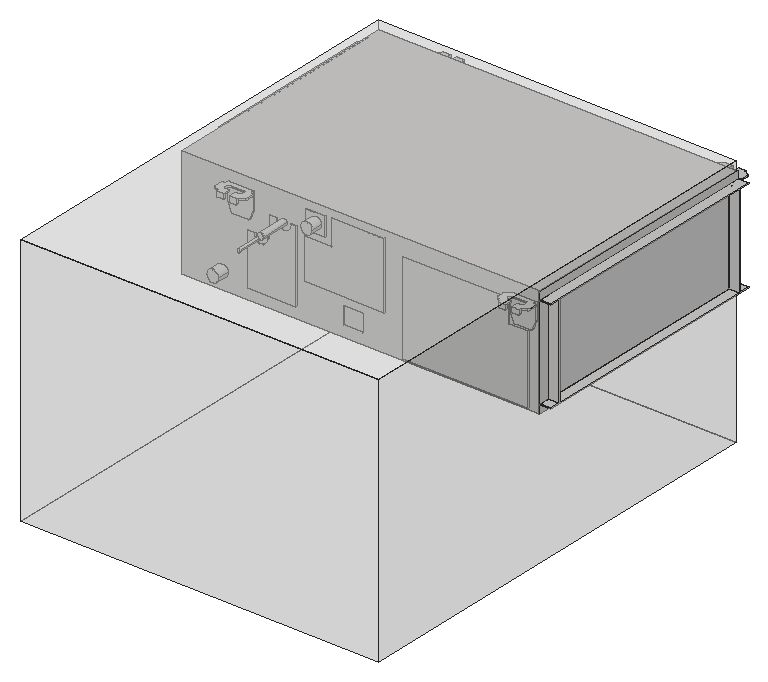
Revit family "outputfile", category 機械設備, Revit 2024
Family settings
  丸型コネクタ寸法 = 半径を使用
  パーツ タイプ = 標準
  OmniClass 番号 = 23.75.10.24.21.27.27
  OmniClass タイトル = Split System Air Conditioning Units
  作業面ベース = いいえ
  常に垂直 = はい
  ロード時にボイドで切り取り = いいえ
  注釈の向きを維持 = いいえ
  共有 = いいえ
  部屋計算ポイント = はい
Parameters (values of type "FXSA25AVM")
  製造元 = "Daikin"
  書き出し IFC クラス(タイプ) = "IfcUnitaryEquipmentType"
  定義済み IFC タイプ(タイプ) = "AIRCONDITIONINGUNIT"
  モデル = "FXSA25AVM"
  switch_frequency = yes
  r_Liquid Pipe Size = Liquid Pipe Size / 2  # 3.2 mm
  r_Gas Pipe Size = Gas Pipe Size / 2  # 6.35 mm
  r_Drain Pipe Size = Drain Pipe Size / 2  # 12.5 mm
  lw_power = 770.0 mm
  lh_SA = 138.0 mm
  lw_SA = if(Width = 550.0 mm, 225.0 mm, if(Width = 700.0 mm, 300.0 mm, if(Width = 1000.0 mm, 450.0 mm, if(Width = 1400.0 mm, 650.0 mm, 725.0 mm))))  # 225.0 mm
  lw_RA = if(Width = 550.0 mm, 275.0 mm, if(Width = 700.0 mm, 349.0 mm, if(Width = 1000.0 mm, 499.0 mm, if(Width = 1400.0 mm, 699.0 mm, 775.0 mm))))  # 275.0 mm
  lh_power = 60.0 mm + [h***]  # 60.0 mm
  lh_mountinghole1 = lh_mountinghole + [h***]  # 222.0 mm
  lh_RA = 123.0 mm
  ld_power = Width / 2  # 275.0 mm
  connector_voltage = Voltage_50Hz  # 220 V
  connector_powerinput = [Power Input (Cooling)]  # 0.058 kW
  connector_phase = Phase_50Hz  # 1
  Voltage_comment_60Hz = "220-230"
  Voltage_comment_50Hz = "220-240"
  Voltage_60Hz = 220 V
  Voltage_50Hz = 220 V
  Total Heating Capacity [instance] = 0.000 kW
  Supply Air Direction [instance] = yes
  Sound Power Level_H speed (dB) = 61
  Power Input (Heating) = 0.053 kW
  Phase_60Hz = 1
  Phase_50Hz = 1
  Nominal Heating Capacity = 3.200 kW
  Minimum External Static Pressure = 30.00 Pa
  Minimum Circuit Amps_60Hz = 0.8 A
  Minimum Circuit Amps_50Hz = 0.8 A
  Maximum Fuse Amps_60Hz = 16.0 A
  Maximum Fuse Amps_50Hz = 16.0 A
  Maximum External Static Pressure = 150.00 Pa
  Material_Casing = DAIKIN_GalvanizedSteel_Casing_indoorunit
  lw_mountinghole = 630.0 mm
  lh_gaspipe = 183.0 mm + [h***]  # 183.0 mm
  lh_mountinghole = 222.0 mm
  lh_liquidpipe = 136.0 mm + [h***]  # 136.0 mm
  lh_drainpipe = 207.0 mm + [h***]  # 207.0 mm
  lh_antena = Height - lh_mountinghole + 1.0 mm  # 24.0 mm
  ld_drainpipe = Width / 2 + 26.0 mm  # 301.0 mm
  ld_liquidpipe = 339.0 mm
  ld_gaspipe = Width / 2 + 65.0 mm  # 340.0 mm
  ld_mountinghole = Width + 38.0 mm  # 588.0 mm
  h*** = 0.0 mm
  lw_liquidpipe = 179.0 mm
  lw_gaspipe = 229.0 mm
  lw_drainpipe = 300.0 mm
  Width = 550.0 mm
  Version = "ver.1.0"
  Unit Type = "Duct_M.S.P."
  Unit Mass Weight = 25.00 kg
  Unit Designation [instance] = ""
  Uniclass2015Version = "Products v1.30"
  Uniclass2015Title = "Variable refrigerant flow units"
  Uniclass2015Code = "Pr_70_65_03_94"
  Total Cooling Capacity [instance] = 0.000 kW
  Sound Pressure Level_M speed (dBA) = 30
  Sound Pressure Level_L speed (dBA) = 28
  Sound Pressure Level_H speed (dBA) = 33
  Series = "VRV Fan Coil Unit"
  Sensible Cooling Capacity [instance] = 0.000 kW
  SA Duct Size Width = 337.0 mm
  SA Duct Size Height = 176.0 mm
  Refrigerant Type = "R32"
  RA Duct Size Width = 502.0 mm
  RA Duct Size Height = 208.0 mm
  Power Input (Cooling) = 0.058 kW
  Option Accessory 3 [instance] = ""
  Option Accessory 2 [instance] = ""
  Option Accessory 1 [instance] = ""
  Nominal Cooling Capacity = 2.800 kW
  Minimum Airflow = 390.00 m³/h
  Median Airflow = 450.00 m³/h
  Maximum Airflow = 540.00 m³/h
  Load Classification = HVAC
  Liquid Pipe Size = 6.4 mm
  Link_Nested Family [instance] = ""
  IfcVersion = ""
  IfcExportType = "AIRCONDITIONINGUNIT"
  IfcExportAs = "IfcUnitaryEquipmentType"
  Height = 245.0 mm
  Heating Entering Wet Bulb Temperature [instance] = -273.15 °C
  Heating Entering Dry Bulb Temperature [instance] = -273.15 °C
  Heating Ambient Wet Bulb Temperature [instance] = -273.15 °C
  Heating Ambient Dry Bulb Temperature [instance] = -273.15 °C
  Heat Exchanger Type = "Cross Fin Coil"
  Gas Pipe Size = 12.7 mm
  Frequency_60Hz = 60 Hz
  Frequency_50Hz = 50 Hz
  Fan Type = "Sirocco Fan"
  Fan Drive = "Direct Drive"
  FCU Tag No. [instance] = ""
  Drain Pipe Size = 25.0 mm
  Design Supply Airflow [instance] = 0.00 m³/h
  Design Return Airflow [instance] = 0.00 m³/h
  Design External Static Pressure [instance] = 0.00 Pa
  Depth = 800.0 mm
  既定の高さ = 0.0 mm
  Cooling Entering Wet Bulb Temperature [instance] = 0.00 °C
  Cooling Entering Dry Bulb Temperature [instance] = 0.00 °C
  Cooling Ambient Wet Bulb Temperature [instance] = 0.00 °C
  Cooling Ambient Dry Bulb Temperature [instance] = 0.00 °C
  Clearance visibility [instance] = yes
  Clearance Top = 20.0 mm
  Clearance Right = 0.0 mm
  Clearance Rear = 0.0 mm
  Clearance Left = 0.0 mm
  Clearance Front = 450.0 mm
  Clearance Bottom = 300.0 mm
Reference planes
  plane 1 "Center (Front/Back)": y = 0
  plane 2 "h": z = 0
  plane 3 "Center (Left/Right)": x = 0
  plane 4 "Back": y = 275
  plane 5 "Front": y = -275
  plane 6 "Left": x = -400
  plane 7 "Right": x = 400
  plane 8 "Top": z = 0
  plane 9 "Bottom": z = -245
  plane 10: y = -215
  plane 11: y = 275
  plane 12: y = -725
  plane 13: x = -400
  plane 14: x = 400
  plane 15: z = 20
  plane 16: z = -545
  plane 17: x = -400
  plane 18: x = -399
  plane 19: x = 399
  plane 20: y = 50
  plane 21: y = 0
  plane 22: z = -122
  plane 23: y = -276
  plane 24: z = -109
  plane 25: x = -221
  plane 26: y = -340
  plane 27: z = -62
  plane 28: x = -171
  plane 29: y = -301
  plane 30: z = -38
  plane 31: x = -100
  plane 32: x = -100
  plane 33: x = -221
  plane 34: x = -171
  plane 35: x = 370
  plane 36: x = -266
  plane 37: x = 364
  plane 38: y = -294
  plane 39: y = 294
  plane 40: z = -23
  plane 41: z = -107
  plane 42: y = -339
  plane 43: z = -207
  plane 44: x = -309
  plane 45: y = -376
  plane 46: x = -251
  plane 47: x = -203
  plane 48: x = -144
  plane 49: z = -59
  plane 50: z = -106
  plane 51: z = -221
  plane 52: z = -109
  plane 53: x = -221
  plane 54: z = -62
  plane 55: x = -171
  plane 56: z = -17
  plane 57: z = -59
  plane 58: x = -121
  plane 59: x = -79
  plane 60: x = -125
  plane 61: x = -64
  plane 62: x = 53
  plane 63: z = -164
  plane 64: z = -73
  plane 65: z = -16
  plane 66: x = 93.5
  plane 67: x = 374.5
  plane 68: x = 330
  plane 69: z = -88.5
  plane 70: z = -38
  plane 71: z = -242.5
  plane 72: x = -38.5
  plane 73: x = 6.5
  plane 74: z = -181
  plane 75: z = -221
  plane 76: y = -274
  plane 77: x = -424
  plane 78: x = 424
Forms (mm)
  Extrusion 1, solid, material "DAIKIN_GalvanizedSteel_Casing_indoorunit" <- "Material_Casing"
    sketch origin (0, 0, 0) x (1, 0, 0) y (0, 1, 0)
      loop
        line (-399, 275) -> (-399, -275) -> (399, -275) -> (399, 275) -> (-399, 275)
    from -245 to 0
  Extrusion 2, solid, material "DAIKIN_GalvanizedSteel_Casing_indoorunit" <- "Material_Casing"
    sketch origin (0, 0, 0) x (1, 0, 0) y (0, 0, 1)
      loop
        line (-251, -221) -> (-144, -221) -> (-144, -59) -> (-154.47, -59)
        arc (-154.47, -59) -> (-171, -78.8) -> (-187.53, -59) r 16.8
        line (-187.53, -59) -> (-203, -59) -> (-203, -106) -> (-206.916, -106)
        arc (-206.916, -106) -> (-221, -123.4) -> (-235.084, -106) r 14.4
        line (-235.084, -106) -> (-251, -106) -> (-251, -221)
    from 275 to 276
  Extrusion 3, solid, material "DAIKIN_GalvanizedSteel_Casing_indoorunit" <- "Material_Casing"
    sketch origin (0, 0, 0) x (1, 0, 0) y (0, 0, 1)
      loop
        line (-121, -17) -> (-121, -59) -> (-79, -59) -> (-79, -17) -> (-121, -17)
      loop
        line (-125, -73) -> (-125, -164) -> (53, -164) -> (53, -16) -> (-64, -16) -> (-64, -73) -> (-125, -73)
    from 275 to 276
  Extrusion 4, solid, material "DAIKIN_GalvanizedSteel_Casing_indoorunit" <- "Material_Casing"
    sketch origin (0, 0, 0) x (1, 0, 0) y (0, 0, 1)
      loop
        line (93.5, -38) -> (93.5, -242.5) -> (374.5, -242.5) -> (374.5, -88.5) -> (330, -88.5) -> (330, -38) -> (93.5, -38)
    from 275 to 276
  Extrusion 5, solid, material "DAIKIN_GalvanizedSteel_Casing_indoorunit" <- "Material_Casing"
    sketch origin (0, 0, 0) x (1, 0, 0) y (0, 0, 1)
      loop
        circle (-221, -109) r 3.2
    from 275 to 339
  Extrusion 6, solid, material "DAIKIN_GalvanizedSteel_Casing_indoorunit" <- "Material_Casing"
    sketch origin (0, 0, 0) x (1, 0, 0) y (0, 0, 1)
      loop
        circle (-171, -62) r 6.35
    from 275 to 340
  Extrusion 7, solid, material "DAIKIN_GalvanizedSteel_Casing_indoorunit" <- "Material_Casing"
    sketch origin (0, 0, 0) x (1, 0, 0) y (0, 0, 1)
      loop
        circle (-100, -38) r 12.5
    from 276 to 301
  Extrusion 8, solid, material "DAIKIN_GalvanizedSteel_Casing_indoorunit" <- "Material_Casing"
    sketch origin (0, 0, 0) x (1, 0, 0) y (0, 0, 1)
      loop
        circle (-309, -207) r 13
    from 275 to 301
  Extrusion 9, void
    sketch origin (0, 0, 0) x (1, 0, 0) y (0, 0, 1)
      loop
        line (-38.5, -181) -> (-38.5, -221) -> (6.5, -221) -> (6.5, -181) -> (-38.5, -181)
    from 274 to 275
Cuts and joins
  Extrusion 9 cuts Extrusion 1
Dimensions and locks
  "Height": plane 8 "Top" to plane 9 "Bottom"
  equal spacing: plane 4 "Back", plane 1 "Center (Front/Back)", plane 5 "Front"
  "Width": plane 4 "Back" to plane 5 "Front"
  equal spacing: plane 6 "Left", plane 3 "Center (Left/Right)", plane 7 "Right"
  "Depth": plane 6 "Left" to plane 7 "Right"
  "Clearance Left": plane 13 to plane 6 "Left"
  "Clearance Right": plane 7 "Right" to plane 14
  "Clearance Rear": plane 11 to plane 4 "Back"
  "Clearance Front": plane 5 "Front" to plane 12
  "Clearance Top": plane 15 to plane 8 "Top"
  "Clearance Bottom": plane 9 "Bottom" to plane 16
  locked: plane 17 to plane 18 at 1
  locked: plane 19 to plane 14 at 1
  "lw_SA": plane 11 to plane 20
  "lw_RA": plane 21 to plane 5 "Front"
  "lh_RA": plane 22 to plane 9 "Bottom"
  locked: plane 5 "Front" to plane 23 at 1
  "lw_liquidpipe": plane 25 to plane 6 "Left"
  "lh_liquidpipe": plane 24 to plane 9 "Bottom"
  "lh_gaspipe": plane 27 to plane 9 "Bottom"
  "lw_gaspipe": plane 28 to plane 6 "Left"
  "ld_gaspipe": plane 26 to plane 1 "Center (Front/Back)"
  "ld_drainpipe": plane 29 to plane 1 "Center (Front/Back)"
  "lh_drainpipe": plane 30 to plane 9 "Bottom"
  "lw_drainpipe": plane 31 to plane 6 "Left"
  "lw_drainpipe": plane 6 "Left" to plane 32
  "lw_liquidpipe": plane 6 "Left" to plane 33
  "lw_gaspipe": plane 6 "Left" to plane 34
  "lw_power": plane 6 "Left" to plane 35
  locked: plane 17 to plane 36 at 134
  "lw_mountinghole": plane 36 to plane 37
  equal spacing: plane 38, plane 1 "Center (Front/Back)", plane 39
  "ld_mountinghole": plane 39 to plane 38
  "lh_mountinghole": plane 40 to plane 9 "Bottom"
  "lh_SA": plane 41 to plane 9 "Bottom"
  locked: plane 44 to plane 6 "Left" at 91
  locked: plane 43 to plane 9 "Bottom" at 38
  plane 48 to plane 47 to plane 46 to plane 6 "Left" = 59.0 mm, 48.0 mm, 149.0 mm
  plane 8 "Top" to plane 49 to plane 50 to plane 51 = 59.0 mm locked, 47.0 mm locked, 115.0 mm locked
  plane 55 to plane 53 to plane 6 "Left" = 50.0 mm locked, 179.0 mm locked
  plane 54 to plane 52 to plane 9 "Bottom" = 47.0 mm locked, 136.0 mm locked
  plane 59 to plane 58 to plane 6 "Left" = 42.0 mm locked, 279.0 mm locked
  plane 8 "Top" to plane 56 to plane 57 = 17.0 mm locked, 42.0 mm locked
  plane 62 to plane 61 to plane 60 to plane 6 "Left" = 117.0 mm, 61.0 mm, 275.0 mm
  plane 8 "Top" to plane 65 to plane 64 = 16.0 mm locked, 57.0 mm locked
  locked: plane 65 to plane 63 at 148
  plane 8 "Top" to plane 70 to plane 69 to plane 71 = 38.0 mm locked, 50.5 mm locked, 154.0 mm locked
  plane 67 to plane 68 to plane 66 to plane 6 "Left" = 44.5 mm locked, 236.5 mm locked, 493.5 mm locked
  plane 8 "Top" to plane 74 to plane 75 = 181.0 mm locked, 40.0 mm locked
  plane 73 to plane 72 to plane 6 "Left" = 45.0 mm, 361.5 mm
  locked: plane 76 to plane 5 "Front" at 1
  locked: plane 77 to plane 17 at 24
  locked: plane 14 to plane 78 at 24
  "ld_liquidpipe": plane 42 to plane 1 "Center (Front/Back)"
  "r_Liquid Pipe Size": radius of Extrusion 5 sketch curve
  "r_Gas Pipe Size": radius of Extrusion 6 sketch curve
  "r_Drain Pipe Size": radius of Extrusion 7 sketch curve
  aligned and locked: level to plane 2 "h"
  aligned and locked: plane 8 "Top" to Extrusion 1
  aligned and locked: Extrusion 1 to plane 9 "Bottom"
  aligned and locked: nested 5 to plane 12
  aligned and locked: plane 13 to nested 5
  aligned and locked: plane 14 to nested 5
  aligned and locked: nested 5 to plane 13
  aligned and locked: plane 11 to nested 5
  aligned and locked: plane 15 to nested 5
  aligned and locked: plane 16 to nested 5
  aligned and locked: plane 5 "Front" to Extrusion 1 sketch curve
  aligned and locked: Extrusion 1 to plane 18
  aligned and locked: plane 19 to Extrusion 1
  aligned and locked: nested 7 to plane 18
  aligned and locked: nested 7 to plane 20
  aligned and locked: plane 19 to nested 8
  aligned and locked: plane 21 to nested 8
  aligned and locked: plane 22 to nested 8
  aligned and locked: Extrusion 2 to plane 23
  aligned and locked: plane 5 "Front" to Extrusion 2
  aligned and locked: Extrusion 3 to plane 23
  aligned and locked: plane 5 "Front" to Extrusion 3
  aligned and locked: plane 5 "Front" to Extrusion 4
  aligned and locked: Extrusion 5 sketch curve to plane 25
  aligned and locked: plane 24 to Extrusion 5 sketch curve
  aligned and locked: plane 5 "Front" to Extrusion 5
  aligned and locked: Extrusion 6 sketch curve to plane 28
  aligned and locked: plane 27 to Extrusion 6 sketch curve
  aligned and locked: plane 5 "Front" to Extrusion 6
  aligned and locked: Extrusion 7 sketch curve to plane 31
  aligned and locked: Extrusion 7 sketch curve to plane 30
  aligned and locked: Extrusion 7 to plane 29
  aligned and locked: plane 23 to Extrusion 7
  aligned and locked: nested 3 to plane 29
  aligned and locked: plane 32 to nested 3
  aligned and locked: nested 2 to plane 33
  aligned and locked: nested 1 to plane 34
  aligned and locked: Extrusion 6 to plane 26
  aligned and locked: nested 1 to plane 26
  aligned and locked: nested 6 to plane 5 "Front"
  aligned and locked: plane 35 to nested 6
  aligned and locked: plane 36 to nested 10
  aligned and locked: nested 10 to plane 5 "Front"
  aligned and locked: plane 37 to nested 9
  aligned and locked: nested 9 to plane 5 "Front"
  aligned and locked: nested 11 to plane 36
  aligned and locked: plane 4 "Back" to nested 11
  aligned and locked: nested 12 to plane 37
  aligned and locked: plane 4 "Back" to nested 12
  aligned and locked: plane 40 to nested 10
  aligned and locked: plane 40 to nested 11
  aligned and locked: plane 40 to nested 9
  aligned and locked: plane 40 to nested 12
  aligned and locked: plane 36 to nested 14
  aligned and locked: nested 14 to plane 39
  aligned and locked: plane 37 to nested 13
  aligned and locked: nested 13 to plane 39
  aligned and locked: plane 37 to nested 16
  aligned and locked: plane 38 to nested 16
  aligned and locked: plane 38 to nested 15
  aligned and locked: plane 36 to nested 15
  aligned and locked: plane 17 to plane 6 "Left"
  aligned and locked: plane 41 to nested 7
  aligned and locked: Extrusion 5 to plane 42
  aligned and locked: nested 2 to plane 42
  aligned and locked: Extrusion 8 sketch curve to plane 44
  aligned and locked: plane 43 to Extrusion 8 sketch curve
  aligned and locked: plane 5 "Front" to Extrusion 8
  aligned and locked: Extrusion 3 sketch curve to plane 56
  aligned and locked: Extrusion 3 sketch curve to plane 58
  aligned and locked: plane 57 to Extrusion 3 sketch curve
  aligned and locked: plane 59 to Extrusion 3 sketch curve
  aligned and locked: Extrusion 4 to plane 23
  aligned and locked: Extrusion 9 sketch curve to plane 74
  aligned and locked: plane 75 to Extrusion 9 sketch curve
  aligned and locked: plane 73 to Extrusion 9 sketch curve
  aligned and locked: plane 5 "Front" to Extrusion 9
  aligned and locked: plane 76 to Extrusion 9
  aligned and locked: nested 17 to plane 20
  aligned and locked: nested 17 to plane 77
  aligned and locked: plane 21 to nested 18
  aligned and locked: plane 78 to nested 18
  aligned and locked: plane 41 to nested 17
  aligned and locked: nested 18 to plane 22
  aligned and locked: nested 4 to plane 3 "Center (Left/Right)"
  aligned and locked: plane 1 "Center (Front/Back)" to nested 4
  aligned and locked: level to plane 8 "Top"
  aligned and locked: Extrusion 8 to plane 29
Automatic sketch dimensions
  plane 6 "Left" to Extrusion 1 sketch curve = 1.0 mm
  Extrusion 1 sketch curve to plane 7 "Right" = 1.0 mm
  Extrusion 1 sketch curve to plane 4 "Back" = 0.0 mm
  Extrusion 2 sketch curve to plane 46 = 0.0 mm
  Extrusion 2 sketch curve to plane 33 = 0.0 mm
  Extrusion 2 sketch curve to plane 47 = 0.0 mm
  Extrusion 2 sketch curve to plane 34 = 0.0 mm
  Extrusion 2 sketch curve to plane 48 = 0.0 mm
  Extrusion 2 sketch curve to plane 51 = 0.0 mm
  Extrusion 2 sketch curve to plane 52 = 0.0 mm
  Extrusion 2 sketch curve to plane 50 = 0.0 mm  (x3)
  Extrusion 2 sketch curve to plane 54 = 0.0 mm
  Extrusion 2 sketch curve to plane 49 = 0.0 mm  (x3)
  plane 33 to Extrusion 2 sketch curve = 14.084 mm
  plane 34 to Extrusion 2 sketch curve = 16.53 mm
  Extrusion 3 sketch curve to plane 60 = 0.0 mm
  Extrusion 3 sketch curve to plane 61 = 0.0 mm
  Extrusion 3 sketch curve to plane 62 = 0.0 mm
  Extrusion 3 sketch curve to plane 63 = 0.0 mm
  Extrusion 3 sketch curve to plane 64 = 0.0 mm
  Extrusion 3 sketch curve to plane 65 = 0.0 mm
  Extrusion 4 sketch curve to plane 66 = 0.0 mm
  Extrusion 4 sketch curve to plane 68 = 0.0 mm
  Extrusion 4 sketch curve to plane 67 = 0.0 mm
  Extrusion 4 sketch curve to plane 71 = 0.0 mm
  Extrusion 4 sketch curve to plane 69 = 0.0 mm
  Extrusion 4 sketch curve to plane 70 = 0.0 mm
  Extrusion 9 sketch curve to plane 72 = 0.0 mm
  radius of Extrusion 8 sketch curve = 13.0 mm
Nested families
  nested 1: "daikin_connector_rotate2" at (-171, 0, -62), length <- "ld_gaspipe", built-in parameter 1001364 <- "lh_gaspipe", radius <- "r_Gas Pipe Size", type "daikin_connector_rotate2"
    with radius 6.35 mm, length 340.0 mm, angle_vertical 90.00°
  nested 2: "daikin_connector_rotate2" at (-221, 0, -109), length <- "ld_liquidpipe", built-in parameter 1001364 <- "lh_liquidpipe", radius <- "r_Liquid Pipe Size", type "daikin_connector_rotate2"
    with radius 3.2 mm, length 339.0 mm, angle_vertical 90.00°
  nested 3: "daikin_connector_rotate2" at (-100, 0, -38), length <- "ld_drainpipe", built-in parameter 1001364 <- "lh_drainpipe", radius <- "r_Drain Pipe Size", type "daikin_connector_rotate2"
    with radius 12.5 mm, length 301.0 mm, angle_vertical 90.00°
  nested 4: "daikin_△_symbolicline" at (0, 0, 245) x (0, -1, 0) z (0, 0, 1), built-in parameter 1001364 <- "Height", visible <- "Supply Air Direction", type "daikin_△_symbolicline"
    with length 200.0 mm
  nested 5: "daikin_clearancespace" at (0, -225, -262.381), visible <- "Clearance visibility", show <- "Clearance visibility", Link_Nested Family <- "Link_Nested Family", type "daikin_clearancespace"
    with width 800.0 mm, show yes, height 565.0 mm, depth 1000.0 mm, Link_Nested Family ""
  nested 6: "daikin_connector_rotate2" at (370, 0, -185), built-in parameter 1001364 <- "lh_power", length <- "ld_power", type "daikin_connector_rotate2"
    with radius 10.0 mm, length 275.0 mm, angle_vertical 90.00°
  nested 7: "daikin_ductflange_FXSA-AVM2" at (-399, 50, -107) x (0, -1, 0) z (0, 0, 1), type "daikin_ductflange_FXSA-AVM2"
    with width 337.0 mm, w1 24.0 mm, w 550.0 mm
  nested 8: "daikin_ductflange_FXSA-AVM" at (399, 0, -122) x (0, 1, 0) z (0, 0, 1), type "daikin_ductflange_FXSA-AVM"
    with width 502.0 mm, lw 25.0 mm, w 550.0 mm
  nested 9: "FXFSA-AVM" at (364, -275, -23), type "daikin_hangerfixture_FXFSA-AVM"
  nested 10: "FXFSA-AVM" at (-266, -275, -23), type "daikin_hangerfixture_FXFSA-AVM"
  nested 11: "FXFSA-AVM" at (-266, 275, -23) x (-1, 0, 0) z (0, 0, 1), type "daikin_hangerfixture_FXFSA-AVM"
  nested 12: "FXFSA-AVM" at (364, 275, -23) x (-1, 0, 0) z (0, 0, 1), type "daikin_hangerfixture_FXFSA-AVM"
  nested 13: "daikin_mountinghole" at (364, 294, -245), h_mountinghole <- "lh_mountinghole1", l_antenna <- "lh_antena", Link_Nested Family <- "Link_Nested Family", type "daikin_mountinghole"
    with show yes, l_antenna 24.0 mm, h_mountinghole 222.0 mm, Link_Nested Family ""
  nested 14: "daikin_mountinghole" at (-266, 294, -245), h_mountinghole <- "lh_mountinghole1", l_antenna <- "lh_antena", Link_Nested Family <- "Link_Nested Family", type "daikin_mountinghole"
    with show yes, l_antenna 24.0 mm, h_mountinghole 222.0 mm, Link_Nested Family ""
  nested 15: "daikin_mountinghole" at (-266, -294, -245), h_mountinghole <- "lh_mountinghole1", l_antenna <- "lh_antena", Link_Nested Family <- "Link_Nested Family", type "daikin_mountinghole"
    with show yes, l_antenna 24.0 mm, h_mountinghole 222.0 mm, Link_Nested Family ""
  nested 16: "daikin_mountinghole" at (364, -294, -245), h_mountinghole <- "lh_mountinghole1", l_antenna <- "lh_antena", Link_Nested Family <- "Link_Nested Family", type "daikin_mountinghole"
    with show yes, l_antenna 24.0 mm, h_mountinghole 222.0 mm, Link_Nested Family ""
  nested 17: "daikin_connector_rotate2" at (-400, 50, -107) x (0, -1, 0) z (0, 0, 1), type "daikin_connector_rotate2"
    with radius 10.0 mm, length 24.0 mm, angle_vertical 90.00°
  nested 18: "daikin_connector_rotate2" at (400, 0, -122) x (0, 1, 0) z (0, 0, 1), type "daikin_connector_rotate2"
    with radius 10.0 mm, length 24.0 mm, angle_vertical 90.00°
Connectors
  piping at (-100, -301, -38), diameter 25, driven by "r_Drain Pipe Size"
    settings: on nested 3, index 3, connector inside diameter 609.6 mm, connector length 0.0 mm, flow factor 0, pipe flow 0.00 m³/h, pressure drop 0.0 Pa, fitting loss kfactor 0, connector angle 0.00°, fixture units 0, engagement length 0.0 mm, angle of deflection 0.00°, flow configuration 1, flow direction 2, fitting loss method 4, system type 16, joint type 0, gender type 0, connector reference index -1, connector utility 0, adjustable connector no, is connector primary yes, connector description "Condensate Drain Piping"
  piping at (-171, -340, -62), diameter 12.7, driven by "r_Gas Pipe Size"
    settings: on nested 1, index 4, connector inside diameter 609.6 mm, connector length 0.0 mm, flow factor 0, pipe flow 0.00 m³/h, pressure drop 0.0 Pa, fitting loss kfactor 0, connector angle 0.00°, fixture units 0, engagement length 0.0 mm, angle of deflection 0.00°, flow configuration 1, flow direction 2, fitting loss method 0, system type 29, joint type 0, gender type 0, connector reference index -1, connector utility 0, adjustable connector no, is connector primary no, connector description "Refrigerant Gas Piping"
  piping at (-221, -339, -109), diameter 6.4, driven by "r_Liquid Pipe Size"
    settings: on nested 2, index 5, connector inside diameter 609.6 mm, connector length 0.0 mm, flow factor 0, pipe flow 0.00 m³/h, pressure drop 0.0 Pa, fitting loss kfactor 0, connector angle 0.00°, fixture units 0, engagement length 0.0 mm, angle of deflection 0.00°, flow configuration 1, flow direction 1, fitting loss method 0, system type 29, joint type 0, gender type 0, connector reference index -1, connector utility 0, adjustable connector no, is connector primary no, connector description "Refrigerant Liquid Piping"
  electrical at (370, -275, -185), driven by "Load Classification", driven by "connector_voltage", driven by "connector_phase", driven by "connector_powerinput"
    settings: on nested 6, index 6, voltage 220 V, apparent load 58 VA, apparent load phase1 0 VA, apparent load phase2 0 VA, apparent load phase3 0 VA, power factor 1, load classification "HVAC", number of poles 1, system type 30, power factor state 1, is connector primary yes, connector utility no, sub classification motor no, connector description "Power Supply"
  hvac at (-424, 50, -107), driven by "SA Duct Size Height", driven by "SA Duct Size Width"
    settings: on nested 17, index 7, duct flow 0.00 m³/h, flow factor 0, pres drop 0.00 Pa, loss coef 0, conn angle 0.00°, conn width 337.0 mm, conn height 176.0 mm, conn diameter 609.6 mm, duct sys type 1, conn prof type 1, flow config 0, flow direction 2, loss method 4, conn ref index -1, conn util no, is conn primary yes, conn desc "SA Duct"
  hvac at (424, 0, -122), driven by "RA Duct Size Height", driven by "RA Duct Size Width"
    settings: on nested 18, index 8, duct flow 0.00 m³/h, flow factor 0, pres drop 0.00 Pa, loss coef 0, conn angle 0.00°, conn width 502.0 mm, conn height 208.0 mm, conn diameter 609.6 mm, duct sys type 2, conn prof type 1, flow config 0, flow direction 1, loss method 4, conn ref index -1, conn util no, is conn primary no, conn desc "RA Duct"
Definition of nested family "daikin_clearancespace"
  Parameters (values of type "daikin_clearancespace")
    Description = "daikin_clearancespace"
    width [instance] = 1823.963 mm
    show [instance] = yes
    material = none
    height [instance] = 1359.762 mm
    depth [instance] = 880.0 mm
    Default Elevation = 0.0 mm
    Link_Nested Family [instance] = ""
  Reference planes
    plane 1 "Center (Front/Back)": y = 0
    plane 2 "Center (Elevation)": z = -0.119
    plane 3 "Center (Left/Right)": x = 0
    plane 4: y = 440
    plane 5: y = -440
    plane 6 "Right": x = 911.982
    plane 7 "Left": x = -911.982
    plane 8 "Top": z = 679.762
    plane 9 "Bottom": z = -680
  Forms (mm)
    Extrusion 1, solid, material <- "material", visible <- "show"
      sketch origin (0, 0, 0) x (1, 0, 0) y (0, 1, 0)
        loop
          line (-911.982, 440) -> (-911.982, -440) -> (911.982, -440) -> (911.982, 440) -> (-911.982, 440)
      from -680 to 679.762
  Lines and regions (mm)
    symbolic lines, visible <- "show"
      curve 1: line (911.982, 440, 0) -> (-911.982, 440, 0)
      curve 2: line (-911.982, 440, 0) -> (-911.982, -440, 0)
      curve 3: line (-911.982, -440, 0) -> (911.982, -440, 0)
      curve 4: line (911.982, -440, 0) -> (911.982, 440, 0)
      curve 5: line (911.982, 0, 679.762) -> (-911.982, 0, 679.762)
      curve 6: line (911.982, 0, -680) -> (911.982, 0, 679.762)
      curve 7: line (-911.982, 0, -680) -> (911.982, 0, -680)
      curve 8: line (-911.982, 0, 679.762) -> (-911.982, 0, -680)
      curve 9: line (0, 440, 679.762) -> (0, -440, 679.762)
      curve 10: line (0, -440, 679.762) -> (0, -440, -680)
      curve 11: line (0, 440, -680) -> (0, 440, 679.762)
      curve 12: line (0, -440, -680) -> (0, 440, -680)
  Dimensions and locks
    "width": plane 7 "Left" to plane 6 "Right"
    "depth": plane 4 to plane 5
    "height": plane 8 "Top" to plane 9 "Bottom"
    equal spacing: plane 7 "Left", plane 3 "Center (Left/Right)", plane 6 "Right"
    equal spacing: plane 4, plane 1 "Center (Front/Back)", plane 5
    equal spacing: plane 8 "Top", plane 2 "Center (Elevation)", plane 9 "Bottom"
    aligned and locked: level to plane 2 "Center (Elevation)"
    aligned and locked: Extrusion 1 sketch curve to plane 4
    aligned and locked: plane 7 "Left" to Extrusion 1 sketch curve
    aligned and locked: Extrusion 1 sketch curve to plane 5
    aligned and locked: Extrusion 1 sketch curve to plane 6 "Right"
    aligned and locked: plane 8 "Top" to Extrusion 1
    aligned and locked: curve 1 to Extrusion 1
    aligned and locked: curve 2 to Extrusion 1
    aligned and locked: curve 3 to Extrusion 1
    aligned and locked: curve 4 to Extrusion 1
    aligned and locked: curve 5 to Extrusion 1
    aligned and locked: curve 6 to Extrusion 1
    aligned and locked: curve 7 to Extrusion 1
    aligned and locked: curve 8 to Extrusion 1
    aligned and locked: curve 9 to Extrusion 1
    aligned and locked: curve 10 to Extrusion 1
    aligned and locked: curve 11 to Extrusion 1
    aligned and locked: curve 12 to Extrusion 1
    aligned and locked: Extrusion 1 to plane 9 "Bottom"
Definition of nested family "daikin_ductflange_FXSA-AVM2"
  Parameters (values of type "daikin_ductflange_FBA-BVMA2")
    width = if(w = 550.0 mm, 337.0 mm, if(w = 700.0 mm, 492.0 mm, if(w = 1000.0 mm, 792.0 mm, if(w = 1400.0 mm, 1192.0 mm, 1337.0 mm))))  # 492.0 mm
    w1 = if(w = 550.0 mm, 24.0 mm, if(w = 700.0 mm, 21.5 mm, if(w = 1000.0 mm, 21.5 mm, if(w = 1400.0 mm, 21.5 mm, 24.0 mm))))  # 21.5 mm
    material = none
    height = 215.0 mm
    depth = 1.0 mm
    w = 700.0 mm
    Default Elevation = 0.0 mm
  Reference planes
    plane 1 "Center (Front/Back)": y = 0
    plane 2: z = 0
    plane 3 "Center (Left/Right)": x = 0
    plane 4: z = 88
    plane 5: z = -88
    plane 6: y = -25
    plane 7: z = 106
    plane 8: z = 89
    plane 9: y = -1
    plane 10: x = -267.5
    plane 11: x = 267.5
    plane 12: z = -106
    plane 13: z = -89
    plane 14: y = -1
    plane 15: x = 246
    plane 16: x = -246
    plane 17: x = 247
    plane 18: z = 87
    plane 19: z = -87
    plane 20: x = -247
    plane 21: z = 87
    plane 22: z = -87
    plane 23: y = -1
  Forms (mm)
    Extrusion 1, solid, material <- "material"
      sketch origin (0, 0, 0) x (0, 1, 0) y (0, 0, 1)
        loop
          line (-25, 88) -> (0, 88) -> (0, 106) -> (-1, 106) -> (-1, 89) -> (-25, 89) -> (-25, 88)
      from -267.5 to 267.5
    Extrusion 2, solid, material <- "material"
      sketch origin (0, 0, 0) x (0, 1, 0) y (0, 0, 1)
        loop
          line (-25, -88) -> (-25, -89) -> (-1, -89) -> (-1, -106) -> (0, -106) -> (0, -88) -> (-25, -88)
      from -267.5 to 267.5
    Extrusion 3, solid, material <- "material"
      sketch origin (0, 0, 0) x (1, 0, 0) y (0, 0, 1)
        loop
          line (246, 88) -> (246, -88) -> (267.5, -88) -> (267.5, -87) -> (247, -87) -> (247, 87) -> (267.5, 87) -> (267.5, 88) -> (246, 88)
      from 0 to 25
    Extrusion 4, solid, material <- "material"
      sketch origin (0, 0, 0) x (1, 0, 0) y (0, 0, 1)
        loop
          line (-267.5, 88) -> (-267.5, 87) -> (-247, 87) -> (-247, -87) -> (-267.5, -87) -> (-267.5, -88) -> (-246, -88) -> (-246, 88) -> (-267.5, 88)
      from 0 to 25
    Extrusion 5, solid, material <- "material"
      sketch origin (0, 0, 0) x (1, 0, 0) y (0, 0, 1)
        loop
          line (-267.5, 88) -> (-267.5, -88) -> (-246, -88) -> (-246, 88) -> (-267.5, 88)
        loop
          line (267.5, 88) -> (246, 88) -> (246, -88) -> (267.5, -88) -> (267.5, 88)
      from 0 to 1
  Cuts and joins
    joined: Extrusion 1, Extrusion 2, Extrusion 3, Extrusion 4, Extrusion 5
  Dimensions and locks
    plane 4 to level to plane 5 = 88.0 mm, 88.0 mm
    locked: plane 6 to plane 1 "Center (Front/Back)" at 25
    locked: plane 9 to plane 1 "Center (Front/Back)" at 1
    locked: plane 8 to plane 4 at 1
    "w1": plane 16 to plane 10
    locked: plane 17 to plane 15 at 1
    locked: plane 4 to plane 18 at 1
    locked: plane 19 to plane 5 at 1
    "width": plane 15 to plane 16
    plane 4 to plane 5 = 176.0 mm
    locked: plane 16 to plane 20 at 1
    locked: plane 4 to plane 21 at 1
    locked: plane 22 to plane 5 at 1
    locked: plane 23 to plane 1 "Center (Front/Back)" at 1
    plane 4 to level to plane 5 = 88.0 mm locked, 88.0 mm locked
    locked: plane 5 to plane 13 at 1
    locked: plane 5 to plane 12 at 18
    locked: plane 7 to plane 4 at 18
    equal spacing: plane 15, plane 3 "Center (Left/Right)", plane 16
    "w1": plane 11 to plane 15
    plane 11 to plane 10 = 535.0 mm
    aligned and locked: level to plane 2
    aligned and locked: Extrusion 1 to plane 10
    aligned and locked: plane 11 to Extrusion 1
    aligned and locked: plane 5 to Extrusion 2
    aligned and locked: Extrusion 2 to plane 1 "Center (Front/Back)"
    aligned and locked: plane 15 to Extrusion 3 sketch curve
    aligned and locked: Extrusion 3 sketch curve to Extrusion 2  (x2)
    aligned and locked: Extrusion 3 sketch curve to plane 11
    aligned and locked: plane 6 to Extrusion 3
    aligned and locked: Extrusion 2 to plane 10
    aligned and locked: plane 11 to Extrusion 2
    aligned and locked: Extrusion 4 sketch curve to Extrusion 1  (x2)
    aligned and locked: plane 5 to Extrusion 4 sketch curve
    aligned and locked: Extrusion 4 sketch curve to plane 16
    aligned and locked: Extrusion 4 sketch curve to plane 22
    aligned and locked: plane 20 to Extrusion 4 sketch curve
    aligned and locked: plane 21 to Extrusion 4 sketch curve
    aligned and locked: Extrusion 4 to plane 1 "Center (Front/Back)"
    aligned and locked: plane 6 to Extrusion 4
    aligned and locked: Extrusion 5 sketch curve to Extrusion 1  (x4)
    aligned and locked: Extrusion 5 sketch curve to Extrusion 4  (x2)
    aligned and locked: Extrusion 5 sketch curve to Extrusion 3  (x2)
    aligned and locked: Extrusion 5 to plane 1 "Center (Front/Back)"
    aligned and locked: plane 23 to Extrusion 5
  Automatic sketch dimensions
    Extrusion 1 sketch curve to plane 6 = 0.0 mm
    Extrusion 1 sketch curve to plane 7 = 0.0 mm
    Extrusion 1 sketch curve to plane 9 = 0.0 mm
    Extrusion 1 sketch curve to plane 1 "Center (Front/Back)" = 0.0 mm
    Extrusion 1 sketch curve to plane 4 = 0.0 mm
    Extrusion 1 sketch curve to plane 8 = 0.0 mm
    Extrusion 2 sketch curve to plane 6 = 0.0 mm
    plane 12 to Extrusion 2 sketch curve = 0.0 mm
    Extrusion 2 sketch curve to plane 14 = 0.0 mm
    Extrusion 2 sketch curve to plane 1 "Center (Front/Back)" = 0.0 mm
    plane 13 to Extrusion 2 sketch curve = 0.0 mm
    Extrusion 2 sketch curve to plane 5 = 0.0 mm
    Extrusion 3 sketch curve to plane 17 = 0.0 mm
    Extrusion 3 sketch curve to plane 19 = 0.0 mm
    Extrusion 3 sketch curve to plane 18 = 0.0 mm
    Extrusion 3 sketch curve to plane 4 = 0.0 mm
    Extrusion 4 sketch curve to plane 10 = 0.0 mm
Definition of nested family "daikin_ductflange_FXSA-AVM"
  Parameters (values of type "daikin_ductflange_FBFC-DVMG")
    width = if(w = 550.0 mm, 502.0 mm, if(w = 700.0 mm, 654.0 mm, if(w = 1000.0 mm, 952.0 mm, if(w = 1400.0 mm, 1352.0 mm, 1502.0 mm))))  # 654.0 mm
    material = none
    lw = if(width = 654.0 mm, 23.0 mm, 25.0 mm)  # 23.0 mm
    height = 208.0 mm
    depth = 1.0 mm
    w = 700.0 mm
    Default Elevation = 0.0 mm
  Reference planes
    plane 1 "Center (Front/Back)": y = 0
    plane 2: z = 0
    plane 3 "Center (Left/Right)": x = 0
    plane 4: z = 104
    plane 5: z = -104
    plane 6: y = -25
    plane 7: z = 121
    plane 8: z = 105
    plane 9: y = -1
    plane 10: x = -350
    plane 11: x = 350
    plane 12: z = -122
    plane 13: z = -105
    plane 14: y = -1
    plane 15: x = 327
    plane 16: x = -327
    plane 17: x = 328
    plane 18: z = 103
    plane 19: z = -103
    plane 20: x = -328
    plane 21: z = 103
    plane 22: z = -103
    plane 23: y = -1
  Forms (mm)
    Extrusion 1, solid, material <- "material"
      sketch origin (0, 0, 0) x (0, 1, 0) y (0, 0, 1)
        loop
          line (-25, 104) -> (0, 104) -> (0, 121) -> (-1, 121) -> (-1, 105) -> (-25, 105) -> (-25, 104)
      from -350 to 350
    Extrusion 2, solid, material <- "material"
      sketch origin (0, 0, 0) x (0, 1, 0) y (0, 0, 1)
        loop
          line (-25, -104) -> (-25, -105) -> (-1, -105) -> (-1, -122) -> (0, -122) -> (0, -104) -> (-25, -104)
      from -350 to 350
    Extrusion 3, solid, material <- "material"
      sketch origin (0, 0, 0) x (1, 0, 0) y (0, 0, 1)
        loop
          line (327, 104) -> (327, -104) -> (350, -104) -> (350, -103) -> (328, -103) -> (328, 103) -> (350, 103) -> (350, 104) -> (327, 104)
      from 0 to 25
    Extrusion 4, solid, material <- "material"
      sketch origin (0, 0, 0) x (1, 0, 0) y (0, 0, 1)
        loop
          line (-350, 104) -> (-350, 103) -> (-328, 103) -> (-328, -103) -> (-350, -103) -> (-350, -104) -> (-327, -104) -> (-327, 104) -> (-350, 104)
      from 0 to 25
    Extrusion 5, solid, material <- "material"
      sketch origin (0, 0, 0) x (1, 0, 0) y (0, 0, 1)
        loop
          line (-350, 104) -> (-350, -104) -> (-327, -104) -> (-327, 104) -> (-350, 104)
        loop
          line (350, 104) -> (327, 104) -> (327, -104) -> (350, -104) -> (350, 104)
      from 0 to 1
  Cuts and joins
    joined: Extrusion 1, Extrusion 2, Extrusion 3, Extrusion 4, Extrusion 5
  Dimensions and locks
    plane 4 to level to plane 5 = 104.0 mm, 104.0 mm
    locked: plane 6 to plane 1 "Center (Front/Back)" at 25
    locked: plane 9 to plane 1 "Center (Front/Back)" at 1
    locked: plane 8 to plane 4 at 1
    "lw": plane 11 to plane 15
    "lw": plane 16 to plane 10
    locked: plane 17 to plane 15 at 1
    locked: plane 4 to plane 18 at 1
    locked: plane 19 to plane 5 at 1
    "width": plane 15 to plane 16
    equal spacing: plane 15, plane 3 "Center (Left/Right)", plane 16
    locked: plane 16 to plane 20 at 1
    locked: plane 4 to plane 21 at 1
    locked: plane 22 to plane 5 at 1
    locked: plane 23 to plane 1 "Center (Front/Back)" at 1
    locked: plane 7 to plane 4 at 17
    locked: plane 1 "Center (Front/Back)" to plane 14 at 1
    locked: plane 5 to plane 13 at 1
    "height": plane 4 to plane 5
    plane 11 to plane 10 = 700.0 mm
    locked: plane 12 to plane 13 at 17
    equal spacing: plane 4, level, plane 5
    aligned and locked: level to plane 2
    aligned and locked: Extrusion 1 to plane 10
    aligned and locked: plane 11 to Extrusion 1
    aligned and locked: plane 5 to Extrusion 2
    aligned and locked: Extrusion 2 to plane 1 "Center (Front/Back)"
    aligned and locked: plane 15 to Extrusion 3 sketch curve
    aligned and locked: Extrusion 3 sketch curve to Extrusion 2  (x2)
    aligned and locked: Extrusion 3 sketch curve to plane 11
    aligned and locked: plane 6 to Extrusion 3
    aligned and locked: Extrusion 2 to plane 10
    aligned and locked: plane 11 to Extrusion 2
    aligned and locked: Extrusion 4 sketch curve to Extrusion 1  (x2)
    aligned and locked: plane 5 to Extrusion 4 sketch curve
    aligned and locked: Extrusion 4 sketch curve to plane 16
    aligned and locked: Extrusion 4 sketch curve to plane 22
    aligned and locked: plane 20 to Extrusion 4 sketch curve
    aligned and locked: plane 21 to Extrusion 4 sketch curve
    aligned and locked: Extrusion 4 to plane 1 "Center (Front/Back)"
    aligned and locked: plane 6 to Extrusion 4
    aligned and locked: Extrusion 5 sketch curve to Extrusion 1  (x4)
    aligned and locked: Extrusion 5 sketch curve to Extrusion 4  (x2)
    aligned and locked: Extrusion 5 sketch curve to Extrusion 3  (x2)
    aligned and locked: Extrusion 5 to plane 1 "Center (Front/Back)"
    aligned and locked: plane 23 to Extrusion 5
  Automatic sketch dimensions
    Extrusion 1 sketch curve to plane 6 = 0.0 mm
    Extrusion 1 sketch curve to plane 7 = 0.0 mm
    Extrusion 1 sketch curve to plane 9 = 0.0 mm
    Extrusion 1 sketch curve to plane 1 "Center (Front/Back)" = 0.0 mm
    Extrusion 1 sketch curve to plane 4 = 0.0 mm
    Extrusion 1 sketch curve to plane 8 = 0.0 mm
    Extrusion 2 sketch curve to plane 6 = 0.0 mm
    plane 12 to Extrusion 2 sketch curve = 0.0 mm
    Extrusion 2 sketch curve to plane 14 = 0.0 mm
    Extrusion 2 sketch curve to plane 1 "Center (Front/Back)" = 0.0 mm
    plane 13 to Extrusion 2 sketch curve = 0.0 mm
    Extrusion 2 sketch curve to plane 5 = 0.0 mm
    Extrusion 3 sketch curve to plane 17 = 0.0 mm
    Extrusion 3 sketch curve to plane 19 = 0.0 mm
    Extrusion 3 sketch curve to plane 18 = 0.0 mm
    Extrusion 3 sketch curve to plane 4 = 0.0 mm
    Extrusion 4 sketch curve to plane 10 = 0.0 mm
Definition of nested family "FXFSA-AVM"
  Parameters (values of type "daikin_hangerfixture_FXMQ-PAVE")
    width = 72.0 mm
    material = none
    height = 60.0 mm
    depth = 41.0 mm
    Default Elevation = 0.0 mm
  Reference planes
    plane 1 "Center (Front/Back)": y = 0
    plane 2: z = 0
    plane 3 "Center (Left/Right)": x = 0
    plane 4: y = 417.146
    plane 5: y = -41
    plane 6: x = -36
    plane 7: x = 36
    plane 8: z = -2.3
    plane 9: z = -60
    plane 10: y = -2.3
    plane 11: z = -12
    plane 12: y = -38.7
  Forms (mm)
    Extrusion 1, solid, material <- "material"
      sketch origin (0, 0, 0) x (1, 0, 0) y (0, 1, 0)
        loop
          line (-28, 0) -> (-28, -5)
          arc (-28, -5) -> (-29.127, -8.162) -> (-32, -9.899) r 5
          arc (-32, -9.899) -> (-34.873, -11.636) -> (-36, -14.798) r 5
          line (-36, -14.798) -> (-36, -27.178)
          arc (-36, -27.178) -> (-35.429, -29.499) -> (-33.846, -31.289) r 5
          line (-33.846, -31.289) -> (-23, -38.798) -> (-23, -41.098) -> (-6.5, -41.098) -> (-6.5, -28.498)
          arc (-6.5, -28.498) -> (-7.379, -26.377) -> (-9.5, -25.498) r 3
          line (-9.5, -25.498) -> (-13.5, -25.498)
          arc (-13.5, -25.498) -> (-20, -18.998) -> (-13.5, -12.498) r 6.5
          line (-13.5, -12.498) -> (13.5, -12.498)
          arc (13.5, -12.498) -> (20, -18.998) -> (13.5, -25.498) r 6.5
          line (13.5, -25.498) -> (9.5, -25.498)
          arc (9.5, -25.498) -> (7.379, -26.377) -> (6.5, -28.498) r 3
          line (6.5, -28.498) -> (6.5, -41.098) -> (23, -41.098) -> (23, -38.798) -> (33.846, -31.289)
          arc (33.846, -31.289) -> (35.429, -29.499) -> (36, -27.178) r 5
          line (36, -27.178) -> (36, -14.596)
          arc (36, -14.596) -> (34.873, -11.434) -> (32, -9.697) r 5
          arc (32, -9.697) -> (29.127, -7.96) -> (28, -4.798) r 5
          line (28, -4.798) -> (28, 0) -> (-28, 0)
      from 0 to -2.3
    Extrusion 2, solid, material <- "material"
      sketch origin (0, 0, 0) x (1, 0, 0) y (0, 0, 1)
        loop
          line (28, -39.037) -> (28, 0) -> (-28, 0) -> (-28, -39.037)
          arc (-28, -39.037) -> (-27.91, -39.983) -> (-27.642, -40.894) r 5
          line (-27.642, -40.894) -> (-21.257, -56.857)
          arc (-21.257, -56.857) -> (-19.418, -59.14) -> (-16.615, -60) r 5
          line (-16.615, -60) -> (16.615, -60)
          arc (16.615, -60) -> (19.418, -59.14) -> (21.257, -56.857) r 5
          line (21.257, -56.857) -> (27.642, -40.894)
          arc (27.642, -40.894) -> (27.91, -39.983) -> (28, -39.037) r 5
      from 0 to 2.3
    Extrusion 3, solid, material <- "material"
      sketch origin (0, 0, 0) x (1, 0, 0) y (0, 0, 1)
        loop
          line (-23, 0) -> (-23, -9)
          arc (-23, -9) -> (-22.121, -11.121) -> (-20, -12) r 3
          line (-20, -12) -> (-9.5, -12)
          arc (-9.5, -12) -> (-7.379, -11.121) -> (-6.5, -9) r 3
          line (-6.5, -9) -> (-6.5, 0) -> (-23, 0)
        loop
          line (23, 0) -> (6.5, 0) -> (6.5, -9)
          arc (6.5, -9) -> (7.379, -11.121) -> (9.5, -12) r 3
          line (9.5, -12) -> (20, -12)
          arc (20, -12) -> (22.121, -11.121) -> (23, -9) r 3
          line (23, -9) -> (23, 0)
      from 38.8 to 41.098
  Cuts and joins
    joined: Extrusion 1, Extrusion 2, Extrusion 3
  Dimensions and locks
    plane 2 to plane 8 = 2.3 mm
    "height": plane 2 to plane 9
    locked: plane 10 to plane 1 "Center (Front/Back)" at 2.3
    locked: plane 2 to plane 11 at 12
    locked: plane 12 to plane 5 at 2.3
    aligned and locked: level to plane 2
    aligned and locked: Extrusion 1 to plane 8
    aligned and locked: plane 2 to Extrusion 1
    aligned and locked: plane 2 to Extrusion 2 sketch curve
    aligned and locked: Extrusion 2 to plane 10
    aligned and locked: Extrusion 2 to plane 1 "Center (Front/Back)"
    aligned and locked: Extrusion 3 sketch curve to cut or joined group of Extrusion 1, Extrusion 2, Extrusion 3  (x3)
    aligned and locked: cut or joined group of Extrusion 1, Extrusion 2, Extrusion 3 to Extrusion 3
  Automatic sketch dimensions
    Extrusion 2 sketch curve to plane 7 = 8.0 mm
    Extrusion 2 sketch curve to plane 8 = 36.737 mm
    plane 6 to Extrusion 2 sketch curve = 19.385 mm
    Extrusion 1 sketch curve to plane 6 = 0.0 mm
    plane 1 "Center (Front/Back)" to Extrusion 1 sketch curve = 0.0 mm
    Extrusion 1 sketch curve to plane 7 = 0.0 mm
    plane 6 to Extrusion 1 sketch curve = 2.154 mm
    plane 6 to Extrusion 1 sketch curve = 3.0 mm
    Extrusion 1 sketch curve to Extrusion 1 sketch curve = 5.0 mm  (x3)
    Extrusion 1 sketch curve to plane 12 = 0.098 mm  (x2)
    Extrusion 1 sketch curve to Extrusion 1 sketch curve = 4.0 mm  (x2)
    Extrusion 1 sketch curve to plane 5 = 0.098 mm  (x2)
    Extrusion 1 sketch curve to plane 3 "Center (Left/Right)" = 6.5 mm
    plane 3 "Center (Left/Right)" to Extrusion 1 sketch curve = 6.5 mm
    Extrusion 1 sketch curve to Extrusion 1 sketch curve = 3.0 mm
    Extrusion 1 sketch curve to plane 7 = 8.0 mm
    Extrusion 1 sketch curve to plane 7 = 5.0 mm
    Extrusion 1 sketch curve to plane 7 = 3.0 mm
    Extrusion 1 sketch curve to plane 7 = 2.154 mm
    plane 12 to Extrusion 1 sketch curve = 7.411 mm  (x2)
    plane 12 to Extrusion 1 sketch curve = 10.202 mm  (x2)
    Extrusion 1 sketch curve to Extrusion 1 sketch curve = 6.5 mm  (x2)
    Extrusion 1 sketch curve to Extrusion 1 sketch curve = 12.38 mm
    Extrusion 1 sketch curve to plane 10 = 12.296 mm
    Extrusion 1 sketch curve to plane 10 = 2.7 mm
    Extrusion 1 sketch curve to plane 10 = 2.498 mm
    plane 6 to Extrusion 1 sketch curve = 4.0 mm
    Extrusion 1 sketch curve to Extrusion 1 sketch curve = 0.0 mm  (x2)
    Extrusion 1 sketch curve to plane 7 = 4.0 mm
    Extrusion 1 sketch curve to Extrusion 1 sketch curve = 4.111 mm
    Extrusion 3 sketch curve to level = 0.0 mm  (x2)
    Extrusion 3 sketch curve to plane 11 = 0.0 mm  (x2)
    plane 11 to Extrusion 3 sketch curve = 3.0 mm  (x2)
    plane 3 "Center (Left/Right)" to Extrusion 3 sketch curve = 6.5 mm
    Extrusion 3 sketch curve to Extrusion 3 sketch curve = 3.0 mm  (x2)
    Extrusion 2 sketch curve to plane 9 = 0.0 mm
    Extrusion 2 sketch curve to Extrusion 2 sketch curve = 11.385 mm
    plane 6 to Extrusion 2 sketch curve = 8.0 mm
    plane 9 to Extrusion 2 sketch curve = 20.963 mm
    Extrusion 2 sketch curve to Extrusion 2 sketch curve = 5.0 mm  (x2)
    plane 9 to Extrusion 2 sketch curve = 3.143 mm  (x3)
    Extrusion 2 sketch curve to Extrusion 2 sketch curve = 4.642 mm  (x2)
    Extrusion 2 sketch curve to Extrusion 2 sketch curve = 0.0 mm  (x2)
    Extrusion 2 sketch curve to Extrusion 2 sketch curve = 0.358 mm
    Extrusion 2 sketch curve to Extrusion 2 sketch curve = 1.857 mm  (x2)
Definition of nested family "daikin_connector_rotate2"
  Parameters (values of type "daikin_connector_rotate2")
    Default Elevation = 1219.2 mm
    show_face = no
    radius [instance] = 10.0 mm
    length [instance] = 600.0 mm
    d_surface = 10.0 mm
    angle_vertical [instance] = 90.00°
  Reference planes
    plane 1 "Center (Front/Back)": y = 0
    plane 2: z = 0
    plane 3 "Center (Left/Right)": x = 0
  Forms (mm)
    Extrusion 1, solid, visible <- "show_face"
      sketch origin (0, -600, 0) x (1, 0, 0) y (0, 0, 1)
        loop
          circle (0, 0) r 10
      from 0 to -10
  Lines and regions (mm)
    reference lines
      curve 1: line (0, 0, 0) -> (0, -600, 0)
    symbolic lines
      curve 2: circle (0, 0, 0) r 5 normal (0, 0, 1)
    model lines, visible <- "show_face"
      curve 3: line (0, 0, 0) -> (0, -600, 0)
  Dimensions and locks
    "length": curve 1 to curve 1
    "length": curve 3 to curve 3
    "d_surface": Extrusion 1 to Extrusion 1
    "radius": radius of Extrusion 1 sketch curve
    "angle_vertical": angle curve 1 to plane 1 "Center (Front/Back)"
    "angle_vertical": angle curve 3 to plane 1 "Center (Front/Back)"
    aligned and locked: level to plane 2
    aligned and locked: plane 1 "Center (Front/Back)" to curve 1
    aligned and locked: plane 2 to curve 1
    aligned and locked: plane 1 "Center (Front/Back)" to curve 2
    aligned and locked: plane 3 "Center (Left/Right)" to curve 2
    aligned and locked: plane 1 "Center (Front/Back)" to curve 3
    aligned and locked: plane 2 to curve 3
    aligned and locked: Extrusion 1 to Extrusion 1
  Automatic sketch dimensions
    Extrusion 1 sketch curve to level = 0.0 mm
    Extrusion 1 sketch curve to plane 3 "Center (Left/Right)" = 0.0 mm
    radius of curve 2 = 5.0 mm
Definition of nested family "daikin_△_symbolicline"
  Parameters (values of type "daikin_△_symbolicline")
    length [instance] = 200.0 mm
    Default Elevation = 0.0 mm
  Reference planes
    plane 1 "Center (Front/Back)": y = 0
    plane 2: z = 0
    plane 3 "Center (Left/Right)": x = 0
  Lines and regions (mm)
    symbolic lines
      curve 1: line (0, -173.205, 0) -> (100, 0, 0)
      curve 2: line (100, 0, 0) -> (-100, 0, 0)
      curve 3: line (-100, 0, 0) -> (0, -173.205, 0)
  Dimensions and locks
    equal spacing: curve 3, plane 3 "Center (Left/Right)", curve 2
    "length": curve 3 to curve 2
    "length": curve 3 to curve 3
    "length": curve 1 to curve 1
    aligned and locked: level to plane 2
    aligned and locked: curve 2 to plane 1 "Center (Front/Back)"
    aligned and locked: plane 3 "Center (Left/Right)" to curve 3
Definition of nested family "daikin_mountinghole"
  Parameters (values of type "daikin_mountinghole")
    Default Elevation = 1219.2 mm
    Type Comments = "mountinghole"
    show [instance] = yes
    material = none
    l_centerline = 100.0 mm
    l_antenna [instance] = 100.0 mm
    h_mountinghole [instance] = 0.0 mm
    d_circle = 30.0 mm
    Link_Nested Family [instance] = ""
  Reference planes
    plane 1 "Center (Front/Back)": y = 0
    plane 2: z = 0
    plane 3 "Center (Left/Right)": x = 0
    plane 4: y = 50
    plane 5: x = -50
    plane 6: x = 50
    plane 7: y = -50
    plane 8 "h_mountinghole": z = 0
    plane 9: z = 100
  Lines and regions (mm)
    model lines, detail levels fine
      curve 1: circle (0, 0, 0) r 15 normal (0, 0, 1)
      curve 2: line (-50, 0, 0) -> (50, 0, 0)
      curve 3: line (0, 50, 0) -> (0, -50, 0)
    symbolic lines, detail levels fine
      curve 4: circle (0, 0, 0) r 15 normal (0, 0, 1)
      curve 5: line (-50, 0, 0) -> (50, 0, 0)
      curve 6: line (0, 50, 0) -> (0, -50, 0)
    model lines
      curve 7: line (0, 0, 100) -> (0, 0, 0)
  Dimensions and locks
    equal spacing: plane 4, plane 1 "Center (Front/Back)", plane 7
    "l_centerline": plane 4 to plane 7
    equal spacing: plane 5, plane 3 "Center (Left/Right)", plane 6
    "l_centerline": plane 5 to plane 6
    "l_antenna": plane 9 to plane 8 "h_mountinghole"
    "h_mountinghole": plane 8 "h_mountinghole" to plane 2
    "d_circle": diameter of curve 1
    "d_circle": diameter of curve 4
    aligned and locked: level to plane 2
    aligned and locked: plane 1 "Center (Front/Back)" to curve 1
    aligned and locked: plane 3 "Center (Left/Right)" to curve 1
    aligned and locked: plane 1 "Center (Front/Back)" to curve 2
    aligned and locked: curve 3 to plane 3 "Center (Left/Right)"
    aligned and locked: plane 6 to curve 2
    aligned and locked: plane 5 to curve 2
    aligned and locked: plane 4 to curve 3
    aligned and locked: plane 7 to curve 3
    aligned and locked: plane 1 "Center (Front/Back)" to curve 4
    aligned and locked: plane 3 "Center (Left/Right)" to curve 4
    aligned and locked: plane 6 to curve 5
    aligned and locked: plane 5 to curve 5
    aligned and locked: plane 1 "Center (Front/Back)" to curve 5
    aligned and locked: plane 4 to curve 6
    aligned and locked: plane 7 to curve 6
    aligned and locked: curve 6 to plane 3 "Center (Left/Right)"
    aligned and locked: curve 7 to plane 3 "Center (Left/Right)"
    aligned and locked: plane 9 to curve 7
    aligned and locked: plane 8 "h_mountinghole" to curve 7
